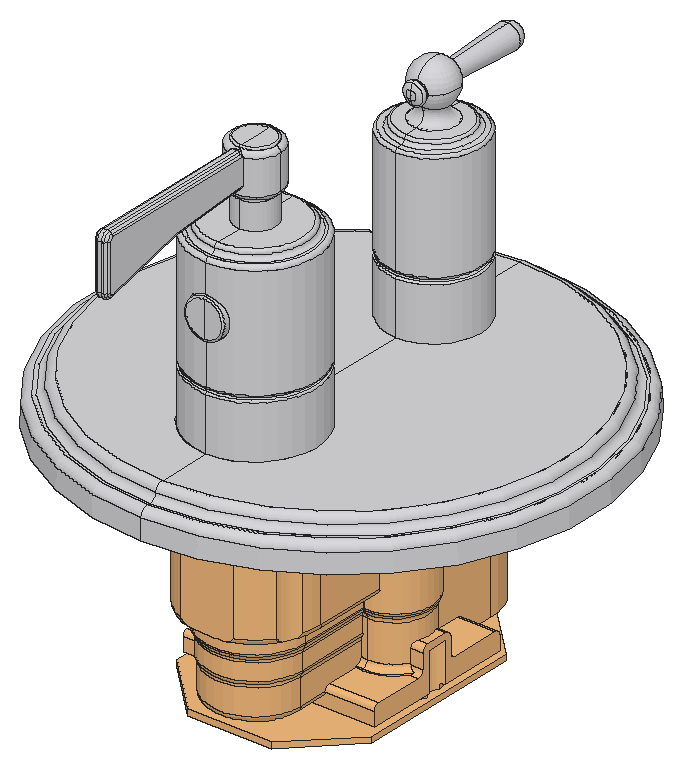
Revit family "Shower-Valve_Trim-KOHLER-MODULO-K-72818T_1", category Plumbing Fixtures, host Face, Revit 2017 (continued)
Definition of nested family "K-72818T"
  Lines and regions (in)
    symbolic lines, detail levels medium+fine
      curve 109: line (0, 1.20799, -2.94922) -> (0, 1.20799, -2.74819)
      curve 110: line (0, 1.05201, -2.5922) -> (0, 1.01769, -2.5922)
      curve 111: line (0, 0.31639, -2.70275) -> (0, 0.77794, -2.70275)
      curve 112: line (0, 1.10162, -2.75985) -> (0, 1.10162, -2.93305)
      curve 113: line (0, 0.55594, -2.67089) -> (0, 0.7222, -2.67089)
      curve 114: line (0, 0.31635, -2.68552) -> (0, 0.72805, -2.68552)
      curve 115: arc (0, 1.08837, -2.71749) -> (0, 1.09823, -2.73766) -> (0, 1.10162, -2.75985) r 0.07432
      curve 116: arc (0, 1.08837, -2.68005) -> (0, 1.11847, -2.70867) -> (0, 1.12955, -2.7487) r 0.07781
      curve 117: line (0, 1.08837, -2.71749) -> (0, 1.08837, -2.63968)
      curve 118: arc (0, 1.08837, -2.63968) -> (0, 1.00406, -2.58689) -> (0, 0.90529, -2.57503) r 0.22793
      curve 119: arc (0, 0.7222, -2.63968) -> (0, 0.80652, -2.58689) -> (0, 0.90529, -2.57503) r 0.22793
      curve 120: line (0, 0.7222, -2.63968) -> (0, 1.08837, -2.63968)
      curve 121: line (0, 0.79288, -2.5922) -> (0, 0.47654, -2.5922)
      curve 122: line (0, 0.47758, -2.05107) -> (0, 0.47758, -2.59253)
      curve 123: line (0, 0.55399, -2.67089) -> (0, 0.55399, -2.05107)
      curve 124: arc (0, 0.47758, -2.59253) -> (0, 0.50053, -2.64794) -> (0, 0.55594, -2.67089) r 0.07836
      curve 125: arc (0, 0.55399, -2.05107) -> (0, 0.5875, -1.99179) -> (0, 0.60458, -1.92586) r 0.26163
      curve 126: line (0, 0.60458, -1.92586) -> (0, 0.60457, -1.23203)
      curve 127: line (0, 0.52781, -1.23203) -> (0, 0.52781, -1.92352)
      curve 128: arc (0, 0.52781, -1.92352) -> (0, 0.52488, -1.94446) -> (0, 0.51632, -1.96378) r 0.07629
      curve 129: arc (0, 0.51632, -1.96378) -> (0, 0.49393, -2.00609) -> (0, 0.47758, -2.05107) r 0.34663
      curve 130: arc (0, 0.60457, -1.23203) -> (0, 0.62695, -1.18783) -> (0, 0.63482, -1.13892) r 0.16096
      curve 131: arc (0, 0.53792, -1.19245) -> (0, 0.53038, -1.2116) -> (0, 0.52781, -1.23203) r 0.08249
      curve 132: arc (0, 0.5577, -1.13852) -> (0, 0.54982, -1.16622) -> (0, 0.53792, -1.19245) r 0.19357
      curve 133: line (0, 0.63482, -1.13892) -> (0, 0.63483, -0.91357)
      curve 134: line (0, 0.5577, -1.13852) -> (0, 0.5577, -0.91357)
      curve 135: arc (0, 0.5577, -0.91357) -> (0, 0.56056, -0.84816) -> (0, 0.5691, -0.78325) r 0.75046
      curve 136: arc (0, 0.63483, -0.91357) -> (0, 0.6384, -0.87317) -> (0, 0.64902, -0.83402) r 0.23011
      curve 137: line (0, -0.65204, -0.4349) -> (0, -2.38188, -0.4349)
      curve 138: line (0, -2.25413, -0.45502) -> (0, -0.67216, -0.45502)
      curve 139: arc (0, -0.77729, -0.50366) -> (0, -1.51572, -0.52398) -> (0, -2.25413, -0.50328) r 13.30041
      curve 140: arc (0, -0.91291, -0.59132) -> (0, -1.58626, -0.6031) -> (0, -2.25953, -0.58748) r 16.5561
      curve 141: arc (0, -2.25953, -0.58748) -> (0, -2.28904, -0.58294) -> (0, -2.31686, -0.57212) r 0.13706
      curve 142: arc (0, -0.69887, -0.57337) -> (0, -0.80539, -0.58829) -> (0, -0.91291, -0.59132) r 0.96942
      curve 143: line (0, -0.74318, -1.70673) -> (0, -0.74318, -0.60278)
      curve 144: line (0, -0.77925, -1.6262) -> (0, -0.77925, -0.68147)
      curve 145: line (0, -1.03176, -0.68147) -> (0, -1.03176, -1.6262)
      curve 146: line (0, -1.06784, -0.59646) -> (0, -1.06784, -1.70676)
      curve 147: line (0, -2.05986, -1.63017) -> (0, -2.05986, -0.67582)
      curve 148: line (0, -0.15924, -2.33967) -> (0, 0.15924, -2.33967)
      curve 149: line (0, -0.59707, -0.65974) -> (0, 0.5687, -0.65974)
      curve 150: line (0, 0.5212, -0.56176) -> (0, -0.52021, -0.56176)
      curve 151: line (0, 0.53191, -0.57247) -> (0, 0.53191, -0.64633)
      curve 152: line (0, 0.53191, -0.64633) -> (0, 0.50314, -0.65974)
      curve 153: arc (0, 1.63765, -0.91357) -> (0, 2.00992, -0.91289) -> (0, 2.38189, -0.89769) r 9.5377
      curve 154: line (0, 0.5577, -0.91357) -> (0, 1.63765, -0.91357)
      curve 155: arc (0, 0.47758, -2.59253) -> (0, 0.37713, -2.60147) -> (0, 0.2763, -2.60308) r 1.38505
      curve 156: line (0, 0.2763, -2.60308) -> (0, 0.2763, -2.39819)
      curve 157: arc (0, 0.13867, -2.2434) -> (0, 0.23993, -2.29195) -> (0, 0.2763, -2.39819) r 0.14525
      curve 158: arc (0, 0.13867, -2.2434) -> (0, 0.00637, -2.24498) -> (0, -0.12593, -2.24275) r 4.58935
      curve 159: line (0, -0.2763, -2.38849) -> (0, -0.2763, -2.60308)
      curve 160: arc (0, -0.12593, -2.24275) -> (0, -0.23197, -2.28378) -> (0, -0.2763, -2.38849) r 0.14581
      curve 161: arc (0, 1.20799, -2.74819) -> (0, 1.16231, -2.63789) -> (0, 1.05201, -2.5922) r 0.15598
      curve 162: arc (0, 1.00921, -2.7636) -> (0, 1.00007, -2.73669) -> (0, 0.97882, -2.71782) r 0.05558
      curve 163: line (0, 1.08837, -2.71782) -> (0, 0.7927, -2.71782)
      curve 164: arc (0, 0.72805, -2.68552) -> (0, 0.76418, -2.69404) -> (0, 0.7927, -2.71782) r 0.08087
      curve 165: line (0, 0.22165, -2.40208) -> (0, 0.22165, -2.60801)
      curve 166: arc (0, 0.15924, -2.33967) -> (0, 0.20337, -2.35795) -> (0, 0.22165, -2.40208) r 0.06241
      curve 167: arc (0, 0.22165, -2.60801) -> (0, 0.2494, -2.675) -> (0, 0.31639, -2.70275) r 0.09474
      curve 168: line (0, 0.23888, -2.39973) -> (0, 0.23888, -2.60805)
      curve 169: arc (0, 0.23888, -2.60805) -> (0, 0.26157, -2.66283) -> (0, 0.31635, -2.68552) r 0.07747
      curve 170: arc (0, 0.16292, -2.32207) -> (0, -0.00047, -2.32432) -> (0, -0.16385, -2.32203) r 5.87315
      curve 171: arc (0, 0.15919, -2.32217) -> (0, 0.2154, -2.34413) -> (0, 0.23888, -2.39973) r 0.07759
      curve 172: line (0, -0.1496, -2.95502) -> (0, -0.1496, -2.40384)
      curve 173: line (0, -1.12955, -2.7487) -> (0, -1.12955, -2.944)
      curve 174: line (0, -1.00921, -2.76811) -> (0, -1.00921, -2.93114)
      curve 175: line (0, -0.31639, -2.70275) -> (0, -0.77794, -2.70275)
      curve 176: line (0, -1.10162, -2.75985) -> (0, -1.10162, -2.93305)
      curve 177: line (0, -0.55399, -2.67089) -> (0, -0.7222, -2.67089)
      curve 178: line (0, -0.31635, -2.68552) -> (0, -0.72805, -2.68552)
      curve 179: arc (0, -1.08837, -2.71749) -> (0, -1.09823, -2.73766) -> (0, -1.10162, -2.75985) r 0.07432
      curve 180: arc (0, -1.08837, -2.68005) -> (0, -1.11847, -2.70867) -> (0, -1.12955, -2.7487) r 0.07781
      curve 181: line (0, -1.08837, -2.71749) -> (0, -1.08837, -2.63968)
      curve 182: arc (0, -1.08837, -2.63968) -> (0, -1.00406, -2.58689) -> (0, -0.90529, -2.57503) r 0.22793
      curve 183: arc (0, -0.7222, -2.63968) -> (0, -0.80652, -2.58689) -> (0, -0.90529, -2.57503) r 0.22793
      curve 184: line (0, -0.7222, -2.63968) -> (0, -1.08837, -2.63968)
      curve 185: arc (0, -0.46893, -2.59359) -> (0, -0.37278, -2.60169) -> (0, -0.2763, -2.60308) r 1.38505
      curve 186: arc (0, -0.13867, -2.2434) -> (0, -0.23996, -2.29199) -> (0, -0.2763, -2.3983) r 0.14525
      curve 187: arc (0, -1.00921, -2.7636) -> (0, -1.00007, -2.73669) -> (0, -0.97882, -2.71782) r 0.05558
      curve 188: line (0, -1.08837, -2.71782) -> (0, -0.7927, -2.71782)
      curve 189: arc (0, -0.72805, -2.68552) -> (0, -0.76418, -2.69404) -> (0, -0.7927, -2.71782) r 0.08087
      curve 190: line (0, -0.22165, -2.40208) -> (0, -0.22165, -2.60801)
      curve 191: arc (0, -0.15924, -2.33967) -> (0, -0.20337, -2.35795) -> (0, -0.22165, -2.40208) r 0.06241
      curve 192: arc (0, -0.22165, -2.60801) -> (0, -0.2494, -2.675) -> (0, -0.31639, -2.70275) r 0.09474
      curve 193: line (0, -0.23888, -2.39973) -> (0, -0.23888, -2.60805)
      curve 194: arc (0, -0.23888, -2.60805) -> (0, -0.26157, -2.66283) -> (0, -0.31635, -2.68552) r 0.07747
      curve 195: arc (0, -0.15919, -2.32217) -> (0, -0.2154, -2.34413) -> (0, -0.23888, -2.39973) r 0.07759
      curve 196: line (0, 0.7222, -2.63968) -> (0, 0.7222, -2.68552)
      curve 197: line (0, -0.7222, -2.63968) -> (0, -0.7222, -2.68552)
      curve 198: line (0, -0.57563, -2.38556) -> (0, -2.15565, -2.38556)
      curve 199: line (0, -2.1661, -2.34619) -> (0, -0.56431, -2.34619)
      curve 200: line (0, -0.57413, -2.33159) -> (0, -2.17332, -2.33159)
      curve 201: line (0, -2.18565, -2.29222) -> (0, -0.57304, -2.29222)
      curve 202: line (0, -2.18565, -2.05108) -> (0, 0.55399, -2.05108)
      curve 203: line (0, -2.19617, -2.01155) -> (0, -0.57217, -2.01155)
      curve 204: line (0, -2.2256, -1.96285) -> (0, -0.59754, -1.96285)
      curve 205: line (0, -2.23448, -1.92348) -> (0, 0.60458, -1.92348)
      curve 206: line (0, -0.61814, -1.78549) -> (0, -1.51574, -1.78549)
      curve 207: line (0, -0.61635, -1.70672) -> (0, -1.51574, -1.7068)
      curve 208: line (0, -0.5288, -1.96285) -> (0, 0.51689, -1.96285)
      curve 209: line (0, -0.50072, -2.01163) -> (0, 0.49153, -2.01163)
      curve 210: arc (0, -0.5288, -1.96285) -> (0, -0.56317, -1.95415) -> (0, -0.59754, -1.96285) r 0.0722
      curve 211: arc (0, -0.5051, -2.01172) -> (0, -0.53862, -2.00462) -> (0, -0.57217, -2.01155) r 0.08369
      curve 212: line (0, -1.51574, -2.8369) -> (0, -1.23592, -2.8369)
      curve 213: line (0, -1.22293, -2.75821) -> (0, -1.51574, -2.75821)
      curve 214: arc (0, -1.51574, -2.75821) -> (0, -1.83603, -2.76338) -> (0, -2.15598, -2.77888) r 9.92824
      curve 215: arc (0, -2.07676, -2.85659) -> (0, -1.79643, -2.84183) -> (0, -1.51574, -2.8369) r 8.0033
      curve 216: line (0, -0.59707, -1.13843) -> (0, -0.59707, -0.65974)
      curve 217: line (0, -0.5648, -1.23813) -> (0, -0.56481, -1.6262)
      curve 218: line (0, -0.49308, -1.6262) -> (0, -0.49308, -1.22359)
      curve 219: arc (0, -0.53928, -1.78483) -> (0, -0.50487, -1.70881) -> (0, -0.49308, -1.6262) r 0.29549
      curve 220: arc (0, -0.56481, -1.6262) -> (0, -0.57928, -1.67443) -> (0, -0.61793, -1.70672) r 0.08758
      curve 221: line (0, -0.53928, -1.92348) -> (0, -0.53928, -1.78378)
      curve 222: line (0, -0.61814, -1.78549) -> (0, -0.61814, -1.92348)
      curve 223: arc (0, -0.53928, -1.78378) -> (0, -0.56185, -1.72928) -> (0, -0.61635, -1.70672) r 0.07706
      curve 224: line (0, -0.49308, -1.6262) -> (0, -1.78803, -1.6262)
      curve 225: arc (0, -2.05986, -1.63017) -> (0, -2.21537, -1.63611) -> (0, -2.37076, -1.64473) r 9.05727
      curve 226: line (0, -1.78803, -1.6262) -> (0, -1.78803, -0.67582)
      curve 227: arc (0, -1.78803, -0.67582) -> (0, -1.8076, -0.62858) -> (0, -1.85484, -0.60902) r 0.06681
      curve 228: arc (0, -1.85484, -0.60902) -> (0, -1.9161, -0.60383) -> (0, -1.97736, -0.60902) r 0.36422
      curve 229: arc (0, -1.97736, -0.60902) -> (0, -2.03058, -0.62764) -> (0, -2.05986, -0.67582) r 0.08356
      curve 230: arc (0, -1.78803, -1.63017) -> (0, -1.8076, -1.67741) -> (0, -1.85484, -1.69698) r 0.06681
      curve 231: arc (0, -1.85484, -1.69698) -> (0, -1.9161, -1.70216) -> (0, -1.97736, -1.69698) r 0.36422
      curve 232: arc (0, -1.97736, -1.69698) -> (0, -2.03058, -1.67835) -> (0, -2.05986, -1.63017) r 0.08356
      curve 233: line (0, -0.52474, -1.13843) -> (0, -0.52474, -0.68269)
      curve 234: arc (0, -1.03176, -1.6262) -> (0, -1.04069, -1.66997) -> (0, -1.06605, -1.70676) r 0.1118
      curve 235: arc (0, -0.74318, -1.70673) -> (0, -0.76982, -1.67032) -> (0, -0.77925, -1.6262) r 0.10793
      curve 236: arc (0, -1.06784, -0.60278) -> (0, -1.04121, -0.63819) -> (0, -1.03176, -0.68147) r 0.10387
      curve 237: arc (0, -0.77925, -0.68147) -> (0, -0.76981, -0.63819) -> (0, -0.74318, -0.60278) r 0.10387
      curve 238: line (0, 0.63482, -1.13843) -> (0, -0.59707, -1.13843)
      curve 239: line (0, 0.6137, -1.2178) -> (0, 0.54482, -1.17854)
      curve 240: line (0, 0.54525, -1.17756) -> (0, -0.5101, -1.17756)
      curve 241: arc (0, -0.5648, -1.23813) -> (0, -0.59057, -1.19145) -> (0, -0.59967, -1.13892) r 0.16096
      curve 242: arc (0, -0.50277, -1.19245) -> (0, -0.49637, -1.20754) -> (0, -0.49308, -1.22359) r 0.08249
      curve 243: arc (0, -0.52256, -1.13843) -> (0, -0.51468, -1.16618) -> (0, -0.50277, -1.19245) r 0.19357
      curve 244: line (0, -0.57854, -1.2178) -> (0, -0.50966, -1.17854)
      curve 245: line (0, 0.60457, -1.23203) -> (0, -0.56682, -1.23203)
      curve 246: line (0, 0.60457, -1.23203) -> (0, 0.53792, -1.19245)
      curve 247: line (0, 0.53792, -1.19245) -> (0, -0.50277, -1.19245)
      curve 248: line (0, -0.50277, -1.19245) -> (0, -0.56682, -1.23203)
      curve 249: arc (0, 0.55399, -2.67089) -> (0, 0.43763, -2.67941) -> (0, 0.32101, -2.68258) r 2.53753
      curve 250: line (0, 0.24182, -2.39881) -> (0, 0.24182, -2.60372)
      curve 251: arc (0, 0.32101, -2.68258) -> (0, 0.26503, -2.65959) -> (0, 0.24182, -2.60372) r 0.07886
      curve 252: arc (0, -0.55399, -2.67089) -> (0, -0.43763, -2.67941) -> (0, -0.32101, -2.68258) r 2.53753
      curve 253: line (0, -0.24182, -2.39785) -> (0, -0.24182, -2.60372)
      curve 254: arc (0, -0.32101, -2.68258) -> (0, -0.26503, -2.65959) -> (0, -0.24182, -2.60372) r 0.07886
      curve 255: arc (0, 0.16292, -2.32207) -> (0, 0.21858, -2.34378) -> (0, 0.24182, -2.39881) r 0.07678
      curve 256: arc (0, -0.16385, -2.32203) -> (0, -0.21885, -2.34348) -> (0, -0.24182, -2.39785) r 0.07585
      curve 257: arc (0, 0.15919, -2.32217) -> (0, 0.14717, -2.30569) -> (0, 0.14227, -2.28589) r 0.05299
      curve 258: arc (0, 0.14227, -2.28589) -> (0, 0.13946, -2.26473) -> (0, 0.13867, -2.2434) r 0.22339
      curve 259: arc (0, 0.12871, -2.32292) -> (0, 0.11611, -2.30619) -> (0, 0.11097, -2.28589) r 0.05299
      curve 260: arc (0, 0.11097, -2.28589) -> (0, 0.10819, -2.26509) -> (0, 0.10737, -2.24412) r 0.22339
      curve 261: arc (0, -0.15919, -2.32217) -> (0, -0.14717, -2.30569) -> (0, -0.14227, -2.28589) r 0.05299
      curve 262: arc (0, -0.14227, -2.28589) -> (0, -0.13946, -2.26473) -> (0, -0.13867, -2.2434) r 0.22339
      curve 263: arc (0, -0.12871, -2.32291) -> (0, -0.11611, -2.30619) -> (0, -0.11097, -2.28589) r 0.05299
      curve 264: arc (0, -0.11097, -2.28589) -> (0, -0.10815, -2.26468) -> (0, -0.10738, -2.24329) r 0.22339
      curve 265: line (0, 2.0541, -2.95294) -> (0, 2.0541, -1.77391)
      curve 266: line (0, 1.82066, -2.94991) -> (0, 1.82066, -1.77391)
      curve 267: line (0, 1.82066, -1.77391) -> (0, 2.0541, -1.77391)
      curve 268: line (0, 1.23878, -0.8684) -> (0, 2.32257, -0.8684)
      curve 269: arc (0, 1.23878, -0.8684) -> (0, 1.18949, -0.84459) -> (0, 1.1356, -0.83488) r 0.20203
      curve 270: arc (0, 1.1356, -0.83488) -> (0, 1.06656, -0.83201) -> (0, 0.9975, -0.82924) r 45.25604
      curve 271: line (0, 0.5687, -0.74196) -> (0, 0.5687, -0.65974)
      curve 272: line (0, 0.57489, -0.75619) -> (0, 0.63249, -0.7332)
      curve 273: line (0, 0.5687, -0.67954) -> (0, 0.63249, -0.65407)
      curve 274: line (0, 0.71093, -0.81189) -> (0, 0.6541, -0.83457)
      curve 275: line (0, 0.66161, -0.83488) -> (0, 1.1356, -0.83488)
      curve 276: arc (0, 0.5687, -0.74196) -> (0, 0.59591, -0.80766) -> (0, 0.66161, -0.83488) r 0.09291
      curve 277: line (0, -0.59707, -0.68149) -> (0, -0.77944, -0.68149)
      curve 278: line (0, -0.77944, -0.68149) -> (0, -1.02944, -0.68149)
      curve 279: line (0, -1.02944, -0.68149) -> (0, -1.78803, -0.68149)
      curve 280: arc (0, -2.35195, -0.66456) -> (0, -2.20595, -0.67137) -> (0, -2.05986, -0.67582) r 9.08051
      curve 281: arc (0, -2.35195, -0.66456) -> (0, -2.36959, -0.66211) -> (0, -2.38188, -0.64922) r 0.02706
      curve 282: line (0, -0.53182, -0.57337) -> (0, -0.53182, -0.63761)
      curve 283: line (0, -0.50969, -0.65974) -> (0, -0.53182, -0.63761)
      curve 284: arc (0, -0.52474, -0.68269) -> (0, -0.5236, -0.67099) -> (0, -0.52021, -0.65974) r 0.06033
      curve 285: arc (0, 0.5687, -0.67954) -> (0, -0.01419, -0.684) -> (0, -0.59707, -0.67954) r 38.01423
      curve 286: line (0, -0.57304, -2.05108) -> (0, -0.57304, -2.29222)
      curve 287: line (0, -0.57563, -2.58723) -> (0, -0.57563, -2.38556)
      curve 288: line (0, -0.57563, -2.38556) -> (0, -0.57304, -2.29222)
      curve 289: line (0, -0.49719, -2.58723) -> (0, -0.49719, -2.38556)
      curve 290: line (0, -0.4946, -2.29222) -> (0, -0.4946, -2.05108)
      curve 291: arc (0, -0.56431, -2.34619) -> (0, -0.5254, -2.35676) -> (0, -0.49719, -2.38556) r 0.07691
      curve 292: arc (0, -0.49644, -2.37097) -> (0, -0.53058, -2.342) -> (0, -0.57413, -2.33159) r 0.09633
      curve 293: arc (0, -0.57304, -2.29222) -> (0, -0.53231, -2.28622) -> (0, -0.49464, -2.30285) r 0.07425
      curve 294: arc (0, -0.49719, -2.38556) -> (0, -0.49525, -2.33891) -> (0, -0.4946, -2.29222) r 1.68756
      curve 295: line (0, -0.7222, -2.66505) -> (0, -0.57501, -2.66505)
      curve 296: arc (0, -0.57501, -2.66505) -> (0, -0.51998, -2.64226) -> (0, -0.49719, -2.58723) r 0.07783
      curve 297: line (0, -0.49719, -2.58723) -> (0, -0.80557, -2.58723)
      curve 298: line (0, -1.06502, -2.58636) -> (0, -1.00254, -2.58636)
      curve 299: arc (0, -1.06502, -2.58636) -> (0, -1.17646, -2.63252) -> (0, -1.22262, -2.74396) r 0.1576
      curve 300: arc (0, -1.22262, -2.74396) -> (0, -1.22596, -2.79091) -> (0, -1.23592, -2.8369) r 0.33149
      curve 301: arc (0, -1.08837, -2.66893) -> (0, -1.12916, -2.69654) -> (0, -1.14445, -2.74335) r 0.07597
      curve 302: arc (0, -1.14445, -2.74335) -> (0, -1.14709, -2.82977) -> (0, -1.15748, -2.9156) r 0.96176
      curve 303: arc (0, -1.15748, -2.9156) -> (0, -1.18058, -2.85982) -> (0, -1.23636, -2.83672) r 0.07888
      curve 304: line (0, -1.15748, -2.9156) -> (0, -1.20644, -2.93538)
      curve 305: line (0, -1.23592, -2.8369) -> (0, -1.28524, -2.85659)
      curve 306: arc (0, 1.00921, -2.93114) -> (0, 1.00222, -2.94802) -> (0, 0.98533, -2.95502) r 0.02388
      curve 307: arc (0, 1.20799, -2.94922) -> (0, 1.15355, -2.94936) -> (0, 1.10162, -2.93305) r 0.17806
      curve 308: line (0, 1.00921, -2.93114) -> (0, 1.10162, -2.93305)
      curve 309: line (0, 1.20799, -2.74819) -> (0, 1.13073, -2.74819)
      curve 310: line (0, 1.13073, -2.74819) -> (0, 1.10162, -2.75985)
      curve 311: line (0, -1.00921, -2.93114) -> (0, -1.10162, -2.93305)
      curve 312: line (0, -1.22362, -2.7433) -> (0, -1.14292, -2.7433)
      curve 313: line (0, -1.14292, -2.7433) -> (0, -1.10162, -2.75985)
      curve 314: line (0, -1.06551, -2.61991) -> (0, -1.06551, -2.58661)
      curve 315: arc (0, 0.78516, -2.95502) -> (0, 0.74775, -2.99242) -> (0, 0.78516, -3.02982) r 0.0374
      curve 316: arc (0, -0.78516, -2.95502) -> (0, -0.74775, -2.99242) -> (0, -0.78516, -3.02982) r 0.0374
      curve 317: line (0, -0.49719, -2.58723) -> (0, -0.46893, -2.59359)
      curve 318: line (0, 1.63777, -2.94922) -> (0, 1.63777, -0.8684)
      curve 319: line (0, -0.62174, -0.60278) -> (0, -0.74318, -0.60278)
      curve 320: arc (0, -0.59707, -0.65974) -> (0, -0.60646, -0.62999) -> (0, -0.62174, -0.60278) r 0.15154
      curve 321: line (0, -0.74318, -0.60278) -> (0, -1.51884, -0.60278)
      curve 322: arc (0, -1.51574, -1.7068) -> (0, -1.90554, -1.71068) -> (0, -2.29517, -1.72226) r 19.7451
      curve 323: arc (0, -1.51574, -1.78549) -> (0, -1.87533, -1.79206) -> (0, -2.23443, -1.81177) r 9.84117
      curve 324: line (0, -2.37076, -1.64473) -> (0, -2.37076, -0.66147)
      curve 325: line (0, -2.35195, -1.64311) -> (0, -2.35195, -0.66456)
      curve 326: arc (0, -2.28515, -1.72187) -> (0, -2.333, -1.69475) -> (0, -2.35195, -1.64311) r 0.07983
      curve 327: arc (0, -2.28515, -1.72187) -> (0, -2.34512, -1.70235) -> (0, -2.37076, -1.64473) r 0.07756
      curve 328: arc (0, -2.29517, -1.72226) -> (0, -2.3144, -1.72424) -> (0, -2.33322, -1.7286) r 0.15427
      curve 329: line (0.66957, 0, 0) -> (0.66957, 0, -0.75029)
      curve 330: line (1.27167, 0, -0.56156) -> (0.66957, 0, -0.56156)
      curve 331: line (0.66957, 0, -0.57221) -> (1.28232, 0, -0.57221)
      curve 332: line (0.66957, 0, -0.63682) -> (1.28206, 0, -0.63682)
      curve 333: line (0.66957, 0, -0.64792) -> (1.28206, 0, -0.64792)
      curve 334: line (0.66957, 0, -0.65925) -> (1.28206, 0, -0.65925)
      curve 335: line (0.79878, 0, -0.68497) -> (1.31921, 0, -0.68497)
      curve 336: arc (0.66957, 0, -0.68046) -> (0.73413, 0, -0.68384) -> (0.79878, 0, -0.68497) r 1.85232
      curve 337: line (0.79878, 0, -0.7747) -> (0.79878, 0, -0.65925)
      curve 338: line (0.71533, 0, -0.75029) -> (0.00027, 0, -0.75029)
      curve 339: line (0.87016, 0, -0.90512) -> (0.87016, 0, -1.19271)
      curve 340: arc (0.87016, 0, -0.90512) -> (0.82481, 0, -0.79564) -> (0.71533, 0, -0.75029) r 0.15483
      curve 341: line (0.72951, 0, -0.83455) -> (0.00028, 0, -0.83455)
      curve 342: line (0.80808, 0, -2.95198) -> (0.80808, 0, -0.91312)
      curve 343: arc (0.80808, 0, -0.91312) -> (0.78507, 0, -0.85756) -> (0.72951, 0, -0.83455) r 0.07857
      curve 344: line (0.65034, 0, -0.83455) -> (0.65034, 0, -0.75029)
      curve 345: line (0.80808, 0, -0.91312) -> (0.29981, 0, -0.89537)
      curve 346: line (0.80808, 0, -0.91312) -> (0.87016, 0, -0.91312)
      curve 347: arc (0.7661, 0, -0.84359) -> (0.78221, 0, -0.8092) -> (0.80154, 0, -0.77651) r 0.39647
      curve 348: arc (0.7321, 0, -0.83459) -> (0.72753, 0, -0.79549) -> (0.7321, 0, -0.75639) r 0.16948
      curve 349: line (0.24757, 0, -0.86846) -> (0.79416, 0, -0.86846)
      curve 350: line (0.30326, 0, -2.44776) -> (0.30326, 0, -0.92298)
      curve 351: arc (0.30326, 0, -0.92298) -> (0.29967, 0, -0.89482) -> (0.28913, 0, -0.86846) r 0.11222
      curve 352: arc (0.30326, 0, -0.92298) -> (0.28192, 0, -0.89053) -> (0.24948, 0, -0.8692) r 0.09596
      curve 353: arc (0.24948, 0, -0.8692) -> (0.12596, 0, -0.84393) -> (0, 0, -0.83856) r 0.7927
      curve 354: line (0.30326, 0, -1.19237) -> (0.39185, 0, -1.19237)
      curve 355: line (0.39185, 0, -1.19237) -> (0.39185, 0, -2.44983)
      curve 356: line (1.3185, 0, -1.13838) -> (0.80808, 0, -1.13838)
      curve 357: line (1.30848, 0, -1.17752) -> (0.87156, 0, -1.17752)
      curve 358: arc (0.87156, 0, -1.17752) -> (0.8353, 0, -1.18686) -> (0.80808, 0, -1.21257) r 0.07501
      curve 359: line (1.30095, 0, -1.19271) -> (0.87131, 0, -1.19271)
      curve 360: arc (0.87131, 0, -1.19271) -> (0.83409, 0, -1.20333) -> (0.80808, 0, -1.23199) r 0.07053
      curve 361: line (1.28952, 0, -1.23199) -> (0.80808, 0, -1.23199)
      curve 362: line (1.28952, 0, -1.92352) -> (0.80808, 0, -1.92352)
      curve 363: line (1.27918, 0, -1.96285) -> (0.87111, 0, -1.96285)
      curve 364: arc (0.87111, 0, -1.96285) -> (0.83481, 0, -1.97249) -> (0.80808, 0, -1.99887) r 0.07316
      curve 365: line (1.25152, 0, -2.01172) -> (0.87153, 0, -2.01172)
      curve 366: arc (0.87153, 0, -2.01172) -> (0.8342, 0, -2.02236) -> (0.80808, 0, -2.05107) r 0.07084
      curve 367: line (1.24173, 0, -2.05107) -> (0.80808, 0, -2.05107)
      curve 368: line (1.21867, 0, -2.39825) -> (1.21867, 0, -2.57595)
      curve 369: line (1.15626, 0, -2.39825) -> (1.15626, 0, -2.57438)
      curve 370: arc (1.30295, 0, -2.3225) -> (1.24393, 0, -2.34159) -> (1.21867, 0, -2.39825) r 0.07618
      curve 371: arc (1.19816, 0, -2.25905) -> (1.16696, 0, -2.32557) -> (1.15626, 0, -2.39825) r 0.25221
      curve 372: arc (1.24095, 0, -2.24522) -> (1.21713, 0, -2.24465) -> (1.19816, 0, -2.25905) r 0.03606
      curve 373: arc (1.34455, 0, -2.63968) -> (1.26221, 0, -2.58672) -> (1.165, 0, -2.57509) r 0.21814
      curve 374: arc (1.165, 0, -2.57509) -> (1.0648, 0, -2.58686) -> (0.97885, 0, -2.63968) r 0.23428
      curve 375: line (1.34455, 0, -2.63968) -> (0.97885, 0, -2.63968)
      curve 376: line (1.34455, 0, -2.63968) -> (1.34455, 0, -2.68534)
      curve 377: line (1.34455, 0, -2.68534) -> (1.01549, 0, -2.68534)
      curve 378: line (0.97885, 0, -2.63968) -> (0.97885, 0, -2.67426)
      curve 379: line (1.30295, 0, -2.60689) -> (1.30295, 0, -2.4012)
      curve 380: line (1.21867, 0, -2.39825) -> (1.30295, 0, -2.4012)
      curve 381: line (1.30295, 0, -2.4012) -> (1.34814, 0, -2.4012)
      curve 382: line (1.30295, 0, -2.4012) -> (1.30295, 0, -2.3225)
      curve 383: line (1.34814, 0, -2.60689) -> (1.30295, 0, -2.60689)
      curve 384: line (1.34814, 0, -2.71886) -> (1.05381, 0, -2.71886)
      curve 385: arc (1.05381, 0, -2.71886) -> (1.02114, 0, -2.68847) -> (0.97885, 0, -2.67426) r 0.10572
      curve 386: line (1.34814, 0, -2.76366) -> (0.87779, 0, -2.74723)
      curve 387: line (0.87779, 0, -2.74723) -> (0.80808, 0, -2.74723)
      curve 388: line (0.97885, 0, -2.67426) -> (0.8844, 0, -2.67426)
      curve 389: line (1.03581, 0, -2.59916) -> (0.86781, 0, -2.59226)
      curve 390: line (0.86781, 0, -2.59226) -> (0.80808, 0, -2.59226)
      curve 391: line (1.19925, 0, -2.71886) -> (1.19925, 0, -2.95502)
      curve 392: line (1.34814, 0, -2.92996) -> (0.87996, 0, -2.94426)
      curve 393: arc (0.87996, 0, -2.94426) -> (0.84387, 0, -2.94675) -> (0.80808, 0, -2.95198) r 0.47289
      curve 394: line (1.28446, 0, -2.95502) -> (0, 0, -2.95502)
      curve 395: arc (0.8802, 0, -2.95502) -> (0.84411, 0, -2.95426) -> (0.80808, 0, -2.95198) r 0.85909
      curve 396: arc (0.23315, 0, -1.23199) -> (0.11686, 0, -1.24431) -> (0, 0, -1.24843) r 1.6636
      curve 397: arc (0.30326, 0, -1.19237) -> (0.27195, 0, -1.21881) -> (0.23315, 0, -1.23199) r 0.11029
      curve 398: arc (0.23315, 0, -1.23199) -> (0.31467, 0, -1.22087) -> (0.39185, 0, -1.19237) r 0.3779
      curve 399: line (0.39185, 0, -1.19237) -> (0.35646, 0, -1.23199)
      curve 400: arc (0.19256, 0, -1.27339) -> (0.27701, 0, -1.26259) -> (0.35646, 0, -1.23199) r 0.35509
      curve 401: arc (0, 0, -1.28191) -> (0.0962, 0, -1.27585) -> (0.19256, 0, -1.27339) r 2.58955
      curve 402: line (0.01473, 0, -2.46202) -> (0.01473, 0, -1.28075)
      curve 403: line (0, 0, -2.4625) -> (0.52453, 0, -2.44554)
      curve 404: line (0, 0, -2.50236) -> (0.35646, 0, -2.48991)
      curve 405: arc (0.35646, 0, -2.48991) -> (0.44298, 0, -2.47714) -> (0.52453, 0, -2.44554) r 0.39263
      curve 406: line (0.35646, 0, -2.52926) -> (0, 0, -2.5417)
      curve 407: arc (0.52453, 0, -2.44554) -> (0.44957, 0, -2.50563) -> (0.35646, 0, -2.52926) r 0.22658
      curve 408: line (0.47327, 0, -2.95502) -> (0.47327, 0, -2.49198)
      curve 409: line (1.0074, 0, -2.97472) -> (0.39821, 0, -2.97472)
      curve 410: arc (0.39821, 0, -2.97472) -> (0.38519, 0, -2.97144) -> (0.37529, 0, -2.96239) r 0.02747
      curve 411: line (0, 0, -2.97436) -> (0.3506, 0, -2.97436)
      curve 412: arc (0.3506, 0, -2.97436) -> (0.36804, 0, -2.96908) -> (0.37962, 0, -2.95502) r 0.03144
      curve 413: line (0.53248, 0, -3.02982) -> (0.53248, 0, -2.97472)
      curve 414: line (0.59154, 0, -3.02982) -> (0.59154, 0, -3.10862)
      curve 415: line (0.21775, 0, -3.02982) -> (0.21775, 0, -2.97436)
      curve 416: line (1.28952, 0, -3.02982) -> (0, 0, -3.02982)
      curve 417: line (0.96522, 0, -2.97472) -> (0.96522, 0, -3.01926)
      curve 418: line (0.96522, 0, -3.01926) -> (0.68851, 0, -3.02982)
      curve 419: arc (0.8844, 0, -2.67426) -> (0.82839, 0, -2.64988) -> (0.80808, 0, -2.59226) r 0.07652
      curve 420: line (0.78616, 0, -2.94997) -> (0.78616, 0, -1.77398)
      curve 421: line (0.68997, 0, -1.77398) -> (0.78616, 0, -1.77398)
      curve 422: line (0.68997, 0, -1.77398) -> (0.68997, 0, -2.95502)
      curve 423: line (0.52453, 0, -2.95502) -> (0.52453, 0, -2.44554)
      curve 424: line (0.87131, 0, -1.19271) -> (0.86932, 0, -1.23199)
      curve 425: line (0.86932, 0, -1.23199) -> (0.86932, 0, -1.92359)
      curve 426: line (0.86781, 0, -2.05113) -> (0.86781, 0, -2.59226)
      curve 427: line (0.86781, 0, -2.05113) -> (0.87033, 0, -2.01188)
      curve 428: line (0.87033, 0, -2.01188) -> (0.87033, 0, -1.96283)
      curve 429: line (0.87033, 0, -1.96283) -> (0.86932, 0, -1.92359)
      curve 430: arc (0.86781, 0, -2.59226) -> (0.872, 0, -2.63409) -> (0.8844, 0, -2.67426) r 0.211
      curve 431: line (-0.66957, 0, 0) -> (-0.66957, 0, -0.75029)
      curve 432: line (-1.2707, 0, -0.56156) -> (-0.66957, 0, -0.56156)
      curve 433: line (-0.66957, 0, -0.57221) -> (-1.28135, 0, -0.57221)
      curve 434: line (-0.66957, 0, -0.63682) -> (-1.28133, 0, -0.63682)
      curve 435: line (-0.66957, 0, -0.64792) -> (-1.28133, 0, -0.64792)
      curve 436: line (-0.66957, 0, -0.65925) -> (-1.28133, 0, -0.65925)
      curve 437: line (-0.80464, 0, -0.68497) -> (-1.3185, 0, -0.68497)
      curve 438: arc (-0.66957, 0, -0.68004) -> (-0.73706, 0, -0.68373) -> (-0.80464, 0, -0.68497) r 1.85232
      curve 439: line (-0.79878, 0, -0.7747) -> (-0.79878, 0, -0.65925)
      curve 440: line (-0.71533, 0, -0.75029) -> (0.00027, 0, -0.75029)
      curve 441: line (-0.87016, 0, -0.90512) -> (-0.87016, 0, -1.13838)
      curve 442: arc (-0.87016, 0, -0.90512) -> (-0.82481, 0, -0.79564) -> (-0.71533, 0, -0.75029) r 0.15483
      curve 443: line (-0.72951, 0, -0.83455) -> (0.00028, 0, -0.83455)
      curve 444: line (-0.80808, 0, -2.95198) -> (-0.80808, 0, -0.91312)
      curve 445: arc (-0.80808, 0, -0.91312) -> (-0.78507, 0, -0.85756) -> (-0.72951, 0, -0.83455) r 0.07857
      curve 446: line (-0.65034, 0, -0.83455) -> (-0.65034, 0, -0.75029)
      curve 447: line (-0.80808, 0, -0.91312) -> (-0.29981, 0, -0.89537)
      curve 448: line (-0.80808, 0, -0.91312) -> (-0.87016, 0, -0.91312)
      curve 449: arc (-0.7661, 0, -0.84359) -> (-0.78221, 0, -0.8092) -> (-0.80154, 0, -0.77651) r 0.39647
      curve 450: arc (-0.7321, 0, -0.83459) -> (-0.72753, 0, -0.79549) -> (-0.7321, 0, -0.75639) r 0.16948
      curve 451: line (-0.24757, 0, -0.86846) -> (-0.79416, 0, -0.86846)
      curve 452: line (-0.30326, 0, -2.44776) -> (-0.30326, 0, -0.92298)
      curve 453: arc (-0.30326, 0, -0.92298) -> (-0.29967, 0, -0.89482) -> (-0.28913, 0, -0.86846) r 0.11222
      curve 454: arc (-0.30326, 0, -0.92298) -> (-0.28192, 0, -0.89053) -> (-0.24948, 0, -0.8692) r 0.09596
      curve 455: arc (-0.24948, 0, -0.8692) -> (-0.12596, 0, -0.84393) -> (0, 0, -0.83856) r 0.7927
      curve 456: line (-0.30326, 0, -1.19237) -> (-0.39185, 0, -1.19237)
      curve 457: line (-0.39185, 0, -1.19237) -> (-0.39185, 0, -2.44983)
      curve 458: line (-1.3185, 0, -1.13838) -> (-0.80808, 0, -1.13838)
      curve 459: line (-1.30848, 0, -1.17752) -> (-0.87156, 0, -1.17752)
      curve 460: arc (-0.87156, 0, -1.17752) -> (-0.8353, 0, -1.18686) -> (-0.80808, 0, -1.21257) r 0.07501
      curve 461: line (-1.30095, 0, -1.19271) -> (-0.87131, 0, -1.19271)
      curve 462: arc (-0.87131, 0, -1.19271) -> (-0.83409, 0, -1.20333) -> (-0.80808, 0, -1.23199) r 0.07053
      curve 463: line (-1.28952, 0, -1.23199) -> (-0.80808, 0, -1.23199)
      curve 464: line (-1.28952, 0, -1.92352) -> (-0.80808, 0, -1.92352)
      curve 465: line (-1.27918, 0, -1.96285) -> (-0.87111, 0, -1.96285)
      curve 466: arc (-0.87111, 0, -1.96285) -> (-0.83481, 0, -1.97249) -> (-0.80808, 0, -1.99887) r 0.07316
      curve 467: line (-1.25152, 0, -2.01172) -> (-0.87153, 0, -2.01172)
      curve 468: arc (-0.87153, 0, -2.01172) -> (-0.8342, 0, -2.02236) -> (-0.80808, 0, -2.05107) r 0.07084
      curve 469: line (-1.24173, 0, -2.05107) -> (-0.80808, 0, -2.05107)
      curve 470: line (-1.21867, 0, -2.39825) -> (-1.21867, 0, -2.57595)
      curve 471: line (-1.15626, 0, -2.39825) -> (-1.15626, 0, -2.57438)
      curve 472: arc (-1.30295, 0, -2.3225) -> (-1.24393, 0, -2.34159) -> (-1.21867, 0, -2.39825) r 0.07618
      curve 473: arc (-1.19816, 0, -2.25905) -> (-1.16696, 0, -2.32557) -> (-1.15626, 0, -2.39825) r 0.25221
      curve 474: arc (-1.24095, 0, -2.24522) -> (-1.21713, 0, -2.24465) -> (-1.19816, 0, -2.25905) r 0.03606
      curve 475: arc (-1.34455, 0, -2.63968) -> (-1.26221, 0, -2.58672) -> (-1.165, 0, -2.57509) r 0.21814
      curve 476: arc (-1.165, 0, -2.57509) -> (-1.0648, 0, -2.58686) -> (-0.97885, 0, -2.63968) r 0.23428
      curve 477: line (-1.34455, 0, -2.63968) -> (-0.97885, 0, -2.63968)
      curve 478: line (-1.34455, 0, -2.63968) -> (-1.34455, 0, -2.68534)
      curve 479: line (-1.34455, 0, -2.68534) -> (-1.01549, 0, -2.68534)
      curve 480: line (-0.97885, 0, -2.63968) -> (-0.97885, 0, -2.67426)
      curve 481: line (-1.30295, 0, -2.60689) -> (-1.30295, 0, -2.4012)
      curve 482: line (-1.21867, 0, -2.39825) -> (-1.30295, 0, -2.4012)
      curve 483: line (-1.30295, 0, -2.4012) -> (-1.34814, 0, -2.4012)
      curve 484: line (-1.30295, 0, -2.4012) -> (-1.30295, 0, -2.3225)
      curve 485: line (-1.34814, 0, -2.60689) -> (-1.30295, 0, -2.60689)
      curve 486: line (-1.34814, 0, -2.71886) -> (-1.05381, 0, -2.71886)
      curve 487: arc (-1.05381, 0, -2.71886) -> (-1.02114, 0, -2.68847) -> (-0.97885, 0, -2.67426) r 0.10572
      curve 488: line (-1.34814, 0, -2.76366) -> (-0.87779, 0, -2.74723)
      curve 489: line (-0.87779, 0, -2.74723) -> (-0.80808, 0, -2.74723)
      curve 490: line (-0.97885, 0, -2.67426) -> (-0.8844, 0, -2.67426)
      curve 491: line (-1.03581, 0, -2.59916) -> (-0.86781, 0, -2.59226)
      curve 492: line (-0.86781, 0, -2.59226) -> (-0.80808, 0, -2.59226)
      curve 493: line (-1.19925, 0, -2.71886) -> (-1.19925, 0, -2.95502)
      curve 494: line (-1.34814, 0, -2.92996) -> (-0.87996, 0, -2.94426)
      curve 495: arc (-0.87996, 0, -2.94426) -> (-0.84387, 0, -2.94675) -> (-0.80808, 0, -2.95198) r 0.47289
      curve 496: line (-1.28446, 0, -2.95502) -> (0, 0, -2.95502)
      curve 497: arc (-0.8802, 0, -2.95502) -> (-0.84411, 0, -2.95426) -> (-0.80808, 0, -2.95198) r 0.85909
      curve 498: arc (-0.23315, 0, -1.23199) -> (-0.11686, 0, -1.24431) -> (0, 0, -1.24843) r 1.6636
      curve 499: arc (-0.30326, 0, -1.19237) -> (-0.27195, 0, -1.21881) -> (-0.23315, 0, -1.23199) r 0.11029
      curve 500: arc (-0.23315, 0, -1.23199) -> (-0.31467, 0, -1.22087) -> (-0.39185, 0, -1.19237) r 0.3779
      curve 501: line (-0.39185, 0, -1.19237) -> (-0.35646, 0, -1.23199)
      curve 502: arc (-0.19256, 0, -1.27339) -> (-0.27701, 0, -1.26259) -> (-0.35646, 0, -1.23199) r 0.35509
      curve 503: arc (0, 0, -1.28191) -> (-0.0962, 0, -1.27585) -> (-0.19256, 0, -1.27339) r 2.58955
      curve 504: line (-0.01473, 0, -2.46202) -> (-0.01473, 0, -1.28075)
      curve 505: line (0, 0, -2.4625) -> (-0.52453, 0, -2.44554)
      curve 506: line (0, 0, -2.50236) -> (-0.35646, 0, -2.48991)
      curve 507: arc (-0.35646, 0, -2.48991) -> (-0.44298, 0, -2.47714) -> (-0.52453, 0, -2.44554) r 0.39263
      curve 508: line (-0.35646, 0, -2.52926) -> (0, 0, -2.5417)
      curve 509: arc (-0.52453, 0, -2.44554) -> (-0.44957, 0, -2.50563) -> (-0.35646, 0, -2.52926) r 0.22658
      curve 510: line (-0.47327, 0, -2.95502) -> (-0.47327, 0, -2.49198)
      curve 511: line (-1.0074, 0, -2.97472) -> (-0.39821, 0, -2.97472)
      curve 512: line (0, 0, -2.97436) -> (-0.3506, 0, -2.97436)
      curve 513: arc (-0.3506, 0, -2.97436) -> (-0.36804, 0, -2.96908) -> (-0.37962, 0, -2.95502) r 0.03144
      curve 514: line (-0.53248, 0, -3.02982) -> (-0.53248, 0, -2.97472)
      curve 515: line (-0.59154, 0, -3.02982) -> (-0.59154, 0, -3.10862)
      curve 516: line (-0.21775, 0, -3.02982) -> (-0.21775, 0, -2.97436)
      curve 517: line (-1.28952, 0, -3.02982) -> (0, 0, -3.02982)
      curve 518: line (-0.96522, 0, -2.97472) -> (-0.96522, 0, -3.01926)
      curve 519: line (-0.96522, 0, -3.01926) -> (-0.68851, 0, -3.02982)
      curve 520: arc (-0.8844, 0, -2.67426) -> (-0.82839, 0, -2.64988) -> (-0.80808, 0, -2.59226) r 0.07652
      curve 521: line (-0.78616, 0, -2.94997) -> (-0.78616, 0, -1.77398)
      curve 522: line (-0.68997, 0, -1.77398) -> (-0.78616, 0, -1.77398)
      curve 523: line (-0.68997, 0, -1.77398) -> (-0.68997, 0, -2.95502)
      curve 524: line (-0.52453, 0, -2.95502) -> (-0.52453, 0, -2.44554)
      curve 525: line (-0.87131, 0, -1.19271) -> (-0.86932, 0, -1.23199)
      curve 526: line (-0.86932, 0, -1.23199) -> (-0.86932, 0, -1.92359)
      curve 527: line (-0.86781, 0, -2.05113) -> (-0.86781, 0, -2.59226)
      curve 528: line (-0.86781, 0, -2.05113) -> (-0.87033, 0, -2.01188)
      curve 529: line (-0.87033, 0, -2.01188) -> (-0.87033, 0, -1.96283)
      curve 530: line (-0.87033, 0, -1.96283) -> (-0.86932, 0, -1.92359)
      curve 531: arc (-0.86781, 0, -2.59226) -> (-0.872, 0, -2.63409) -> (-0.8844, 0, -2.67426) r 0.211
      curve 532: arc (1.04035, 0, -2.95502) -> (1.00295, 0, -2.99242) -> (1.04035, 0, -3.02982) r 0.0374
      curve 533: arc (-1.04035, 0, -2.95502) -> (-1.00295, 0, -2.99242) -> (-1.04035, 0, -3.02982) r 0.0374
      curve 534: arc (0, -0.59707, -2.66505) -> (0, -0.58109, -2.62759) -> (0, -0.57563, -2.58723) r 0.15193
      curve 535: line (0, -0.4946, -2.05108) -> (0, -0.53928, -1.92348)
      curve 536: line (0, -0.57304, -2.05108) -> (0, -0.61814, -1.92348)
      curve 537: arc (0, -1.00921, -2.93114) -> (0, -1.00222, -2.94802) -> (0, -0.98533, -2.95502) r 0.02388
      curve 538: arc (0, -1.20799, -2.94922) -> (0, -1.15355, -2.94936) -> (0, -1.10162, -2.93305) r 0.17806
      curve 546: arc (-0.14156, 2.13005, 0) -> (0, 1.11788, 0) -> (0.14156, 2.13005, 0) r 0.51599
      curve 547: arc (0.2044, 0, 3.29539) -> (0.24533, 0, 3.33771) -> (0.27763, 0, 3.38693) r 0.31417
      curve 548: arc (-0.30513, 0, 3.08075) -> (-0.19297, 0, 3.15907) -> (-0.2044, 0, 3.29539) r 0.13707
      curve 549: circle (0, 0, 3.53149) r 0.177 normal (0, -1, 0)
      curve 550: line (0.28344, 0, 4.20657) -> (-0.28344, 0, 4.20657)
      curve 551: arc (0, -4.15199, 4.13732) -> (0, -4.17983, 4.12579) -> (0, -4.19136, 4.09795) r 0.03937
      curve 552: line (0, -1.87517, 4.13732) -> (0, -4.15199, 4.13732)
      curve 553: line (0, -4.19136, 4.09795) -> (0, -4.19136, 3.4517)
      curve 554: arc (0, -4.19136, 3.4517) -> (0, -4.17499, 3.41975) -> (0, -4.1395, 3.41436) r 0.03937
      curve 555: arc (0, -4.1395, 3.41436) -> (0, -3.02229, 3.68934) -> (0, -1.87529, 3.77958) r 7.07404
      curve 556: line (0, -1.79918, 4.20657) -> (0, -1.2323, 4.20657)
      curve 557: line (0, -1.85849, 4.13361) -> (0, -1.85849, 3.78329)
      curve 558: arc (0, -1.85849, 4.13361) -> (0, -1.86662, 4.13638) -> (0, -1.87517, 4.13732) r 0.03937
      curve 559: arc (0, -1.85849, 4.13361) -> (0, -1.85245, 4.16782) -> (0, -1.83509, 4.19789) r 0.1
      curve 560: arc (0, -1.87529, 3.77958) -> (0, -1.86668, 3.7805) -> (0, -1.85849, 3.78329) r 0.03937
      curve 561: arc (0, -1.85849, 3.78329) -> (0, -1.86197, 3.74706) -> (0, -1.87231, 3.71216) r 0.18986
      curve 562: line (0, -1.85754, 3.6178) -> (0, -1.17394, 3.6178)
      curve 563: line (0, -1.79356, 3.17717) -> (0, -1.23793, 3.17717)
      curve 564: circle (0, -1.51574, 0) r 0.28344 normal (0, 0, 1)
      curve 565: arc (0.09568, -1.86135, 0) -> (0, -1.15713, 0) -> (-0.09568, -1.86135, 0) r 0.35861
      curve 566: line (-0.09568, -1.86135, 0) -> (-0.09568, -4.19136, 0)
      curve 567: line (0.09568, -4.19136, 0) -> (0.09568, -1.86135, 0)
      curve 568: line (-0.02523, -4.26061, 0) -> (-0.02523, -1.83489, 0)
      curve 569: line (0.02523, -4.26061, 0) -> (0.02523, -1.83489, 0)
      curve 570: arc (-0.09568, -1.86135, 0) -> (-0.07422, -1.85275, 0) -> (-0.05383, -1.84184, 0) r 0.2098
      curve 571: arc (0.09568, -1.86135, 0) -> (0.07422, -1.85275, 0) -> (0.05383, -1.84184, 0) r 0.2098
      curve 572: arc (-0.05383, -1.84184, 0) -> (0, -1.83299, 0) -> (0.05383, -1.84184, 0) r 0.16813
      curve 573: arc (0.09568, -3.26062, 0) -> (0, 3.21036, 0) -> (-0.09568, -3.26062, 0) r 3.2362
      curve 574: arc (0.09568, -3.31449, 0) -> (0, 3.31587, 0) -> (-0.09568, -3.31449, 0) r 3.31587
      curve 575: arc (0.09568, -3.38291, 0) -> (0, 3.38426, 0) -> (-0.09568, -3.38291, 0) r 3.38426
      curve 576: arc (0.09568, -3.42669, 0) -> (0, 3.42803, 0) -> (-0.09568, -3.42669, 0) r 3.42803
      curve 577: arc (-0.14567, 2.196, 0) -> (0, 1.05316, 0) -> (0.14567, 2.196, 0) r 0.58071
      curve 578: arc (0.09568, -2.32981, 0) -> (0, -0.69607, 0) -> (-0.09568, -2.32981, 0) r 0.81967
      curve 579: arc (0.09568, -2.28739, 0) -> (0, -0.73818, 0) -> (-0.09568, -2.28739, 0) r 0.77756
      curve 580: arc (-0.39821, 0, -2.97472) -> (-0.38519, 0, -2.97144) -> (-0.37529, 0, -2.96239) r 0.02747
      curve 581: line (0.73801, 0, -0.45502) -> (0.66957, 0, -0.45502)
      curve 582: line (0.75906, 0, -0.54951) -> (0.66957, 0, -0.54951)
      curve 583: line (-0.73801, 0, -0.45502) -> (-0.66957, 0, -0.45502)
      curve 584: line (-0.75906, 0, -0.54951) -> (-0.66957, 0, -0.54951)
      curve 585: line (3.5337, 0, 0.27966) -> (-3.5337, 0, 0.27966)
      curve 586: line (3.27138, 0, 0.48345) -> (-3.27138, 0, 0.48345)
      curve 587: arc (0.30575, 0, 3.60624) -> (0, 0, 3.84815) -> (-0.30575, 0, 3.60624) r 0.31417
      curve 588: arc (-0.27763, 0, 3.38693) -> (-0.24533, 0, 3.33771) -> (-0.2044, 0, 3.29539) r 0.31417
      curve 589: line (0.27763, 0, 3.17717) -> (0.18599, 0, 3.17717)
      curve 590: line (-0.27763, 0, 3.17717) -> (-0.18599, 0, 3.17717)
      curve 591: line (0, 3.53355, 0.27966) -> (0, -3.53355, 0.27966)
      curve 592: line (0, 3.27123, 0.48345) -> (0, -3.27123, 0.48345)
    symbolic lines, detail levels coarse
      curve 539: line (0.33135, 0, -0.81049) -> (0.33135, 0, -1.17644)
      curve 540: line (-0.33135, 0, -0.81049) -> (-0.33135, 0, -1.17644)
      curve 541: line (0.33135, 0, -0.81049) -> (-0.33135, 0, -1.17644)
      curve 542: line (-0.33135, 0, -0.81049) -> (0.33135, 0, -1.17644)
      curve 543: line (0, 0, -0.99346) -> (0, 0, -1.69008)
      curve 544: line (0.22121, 0, -1.69008) -> (-0.22121, 0, -1.69008)
      curve 545: arc (0.22121, 0, -1.69008) -> (0, 0, -1.84187) -> (-0.22121, 0, -1.69008) r 0.23708
  Dimensions and locks (in)
    aligned and locked: plane 2 to level
